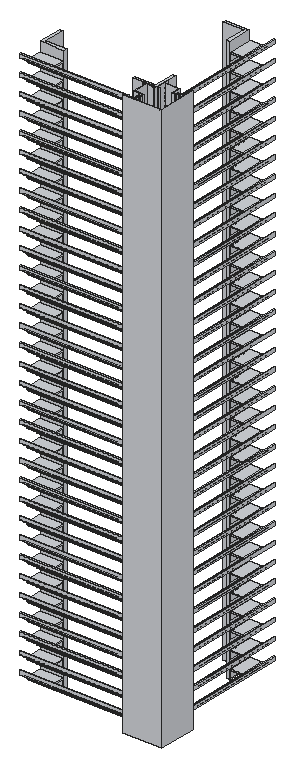
Revit family "ES-EL-2 (Box Corner)", category Mechanical Equipment, Revit 2015 (continued)
Forms (in)
  Extrusion 36, solid
    sketch origin (-14.48764, -11.29971, 45.42069) x (0, 1, 0) y (0, 0, 1)
      loop
        line (9.25771, -19.48365) -> (9.41126, -19.58834) -> (9.57839, -19.70229) -> (9.68235, -19.77317) -> (9.75563, -19.82705) -> (9.8224, -19.88601) -> (9.91212, -19.97708) -> (9.99904, -20.07659) -> (10.07997, -20.18154) -> (10.12676, -20.24077) -> (10.16148, -20.26933) -> (10.47814, -20.48524) -> (10.60505, -20.56965) -> (10.64778, -20.58183) -> (10.71035, -20.58276) -> (10.77982, -20.58518) -> (10.83315, -20.59878) -> (10.8957, -20.6332) -> (11.11006, -20.83253) -> (10.96958, -20.83253) -> (10.96958, -20.8907) -> (11.25622, -20.8907) -> (10.98451, -20.63232) -> (10.91566, -20.57063) -> (10.85482, -20.53862) -> (10.78597, -20.52225) -> (10.79667, -20.48232) -> (10.80191, -20.44464) -> (10.79771, -20.40358) -> (10.73388, -20.41014)
        arc (10.73388, -20.41014) -> (10.61986, -20.50924) -> (10.67009, -20.36677) r 0.07813
        line (10.67009, -20.36677) -> (10.65314, -20.30354) -> (10.59963, -20.32231) -> (10.55974, -20.35344) -> (10.53339, -20.39908) -> (10.52654, -20.44683) -> (10.26934, -20.27147) -> (10.29906, -20.25431) -> (10.33558, -20.21607) -> (10.35667, -20.15577) -> (10.35386, -20.10111) -> (10.28979, -20.10794)
        arc (10.28979, -20.10794) -> (10.17595, -20.20657) -> (10.22317, -20.06353) r 0.07812
        line (10.22317, -20.06353) -> (10.20676, -20.00228) -> (10.15882, -20.01737) -> (10.11406, -20.05206) -> (10.08916, -20.0952) -> (9.97802, -19.96172) -> (9.85682, -19.8373) -> (9.79268, -19.78114) -> (9.72423, -19.73032) -> (9.31671, -19.45246) -> (9.31671, -19.17069) -> (9.25771, -19.17069) -> (9.25771, -19.48365)
    from 4.67064 to 13.65364
  Extrusion 37, solid
    sketch origin (11.29971, 14.48764, 31.97069) x (-1, 0, 0) y (0, 0, -1)
      loop
        line (9.25771, 7.48365) -> (9.25771, 7.17069) -> (9.31671, 7.17069) -> (9.31671, 7.45246) -> (9.72423, 7.73032) -> (9.79268, 7.78114) -> (9.85682, 7.8373) -> (9.97802, 7.96172) -> (10.08916, 8.0952) -> (10.11406, 8.05206) -> (10.15882, 8.01737) -> (10.20676, 8.00228) -> (10.22317, 8.06353)
        arc (10.22317, 8.06353) -> (10.17595, 8.20657) -> (10.28979, 8.10794) r 0.07812
        line (10.28979, 8.10794) -> (10.35386, 8.10111) -> (10.35667, 8.15577) -> (10.33558, 8.21607) -> (10.29906, 8.25431) -> (10.26934, 8.27147) -> (10.52654, 8.44683) -> (10.53339, 8.39908) -> (10.55974, 8.35344) -> (10.59963, 8.32231) -> (10.65314, 8.30354) -> (10.67009, 8.36677)
        arc (10.67009, 8.36677) -> (10.61986, 8.50924) -> (10.73388, 8.41014) r 0.07813
        line (10.73388, 8.41014) -> (10.79771, 8.40358) -> (10.80191, 8.44464) -> (10.79667, 8.48232) -> (10.78597, 8.52225) -> (10.85482, 8.53862) -> (10.91566, 8.57063) -> (10.98451, 8.63232) -> (11.25622, 8.8907) -> (10.96958, 8.8907) -> (10.96958, 8.83253) -> (11.11006, 8.83253) -> (10.8957, 8.6332) -> (10.83315, 8.59878) -> (10.77982, 8.58518) -> (10.71035, 8.58276) -> (10.64778, 8.58183) -> (10.60505, 8.56965) -> (10.47814, 8.48524) -> (10.16148, 8.26933) -> (10.12676, 8.24077) -> (10.07997, 8.18154) -> (9.99904, 8.07659) -> (9.91212, 7.97708) -> (9.8224, 7.88601) -> (9.75563, 7.82705) -> (9.68235, 7.77317) -> (9.57839, 7.70229) -> (9.41126, 7.58834) -> (9.25771, 7.48365)
    from 4.67064 to 13.65364
  Extrusion 38, solid
    sketch origin (11.29971, 14.48764, 30.52069) x (-1, 0, 0) y (0, 0, -1)
      loop
        line (9.25771, 7.48365) -> (9.25771, 7.17069) -> (9.31671, 7.17069) -> (9.31671, 7.45246) -> (9.72423, 7.73032) -> (9.79268, 7.78114) -> (9.85682, 7.8373) -> (9.97802, 7.96172) -> (10.08916, 8.0952) -> (10.11406, 8.05206) -> (10.15882, 8.01737) -> (10.20676, 8.00228) -> (10.22317, 8.06353)
        arc (10.22317, 8.06353) -> (10.17595, 8.20657) -> (10.28979, 8.10794) r 0.07812
        line (10.28979, 8.10794) -> (10.35386, 8.10111) -> (10.35667, 8.15577) -> (10.33558, 8.21607) -> (10.29906, 8.25431) -> (10.26934, 8.27147) -> (10.52654, 8.44683) -> (10.53339, 8.39908) -> (10.55974, 8.35344) -> (10.59963, 8.32231) -> (10.65314, 8.30354) -> (10.67009, 8.36677)
        arc (10.67009, 8.36677) -> (10.61986, 8.50924) -> (10.73388, 8.41014) r 0.07813
        line (10.73388, 8.41014) -> (10.79771, 8.40358) -> (10.80191, 8.44464) -> (10.79667, 8.48232) -> (10.78597, 8.52225) -> (10.85482, 8.53862) -> (10.91566, 8.57063) -> (10.98451, 8.63232) -> (11.25622, 8.8907) -> (10.96958, 8.8907) -> (10.96958, 8.83253) -> (11.11006, 8.83253) -> (10.8957, 8.6332) -> (10.83315, 8.59878) -> (10.77982, 8.58518) -> (10.71035, 8.58276) -> (10.64778, 8.58183) -> (10.60505, 8.56965) -> (10.47814, 8.48524) -> (10.16148, 8.26933) -> (10.12676, 8.24077) -> (10.07997, 8.18154) -> (9.99904, 8.07659) -> (9.91212, 7.97708) -> (9.8224, 7.88601) -> (9.75563, 7.82705) -> (9.68235, 7.77317) -> (9.57839, 7.70229) -> (9.41126, 7.58834) -> (9.25771, 7.48365)
    from 4.67064 to 13.65364
  Extrusion 39, solid
    sketch origin (11.29971, 14.48764, 29.07069) x (-1, 0, 0) y (0, 0, -1)
      loop
        line (9.25771, 7.48365) -> (9.25771, 7.17069) -> (9.31671, 7.17069) -> (9.31671, 7.45246) -> (9.72423, 7.73032) -> (9.79268, 7.78114) -> (9.85682, 7.8373) -> (9.97802, 7.96172) -> (10.08916, 8.0952) -> (10.11406, 8.05206) -> (10.15882, 8.01737) -> (10.20676, 8.00228) -> (10.22317, 8.06353)
        arc (10.22317, 8.06353) -> (10.17595, 8.20657) -> (10.28979, 8.10794) r 0.07812
        line (10.28979, 8.10794) -> (10.35386, 8.10111) -> (10.35667, 8.15577) -> (10.33558, 8.21607) -> (10.29906, 8.25431) -> (10.26934, 8.27147) -> (10.52654, 8.44683) -> (10.53339, 8.39908) -> (10.55974, 8.35344) -> (10.59963, 8.32231) -> (10.65314, 8.30354) -> (10.67009, 8.36677)
        arc (10.67009, 8.36677) -> (10.61986, 8.50924) -> (10.73388, 8.41014) r 0.07813
        line (10.73388, 8.41014) -> (10.79771, 8.40358) -> (10.80191, 8.44464) -> (10.79667, 8.48232) -> (10.78597, 8.52225) -> (10.85482, 8.53862) -> (10.91566, 8.57063) -> (10.98451, 8.63232) -> (11.25622, 8.8907) -> (10.96958, 8.8907) -> (10.96958, 8.83253) -> (11.11006, 8.83253) -> (10.8957, 8.6332) -> (10.83315, 8.59878) -> (10.77982, 8.58518) -> (10.71035, 8.58276) -> (10.64778, 8.58183) -> (10.60505, 8.56965) -> (10.47814, 8.48524) -> (10.16148, 8.26933) -> (10.12676, 8.24077) -> (10.07997, 8.18154) -> (9.99904, 8.07659) -> (9.91212, 7.97708) -> (9.8224, 7.88601) -> (9.75563, 7.82705) -> (9.68235, 7.77317) -> (9.57839, 7.70229) -> (9.41126, 7.58834) -> (9.25771, 7.48365)
    from 4.67064 to 13.65364
  Extrusion 40, solid
    sketch origin (11.29971, 14.48764, 27.62069) x (-1, 0, 0) y (0, 0, -1)
      loop
        line (9.25771, 7.48365) -> (9.25771, 7.17069) -> (9.31671, 7.17069) -> (9.31671, 7.45246) -> (9.72423, 7.73032) -> (9.79268, 7.78114) -> (9.85682, 7.8373) -> (9.97802, 7.96172) -> (10.08916, 8.0952) -> (10.11406, 8.05206) -> (10.15882, 8.01737) -> (10.20676, 8.00228) -> (10.22317, 8.06353)
        arc (10.22317, 8.06353) -> (10.17595, 8.20657) -> (10.28979, 8.10794) r 0.07812
        line (10.28979, 8.10794) -> (10.35386, 8.10111) -> (10.35667, 8.15577) -> (10.33558, 8.21607) -> (10.29906, 8.25431) -> (10.26934, 8.27147) -> (10.52654, 8.44683) -> (10.53339, 8.39908) -> (10.55974, 8.35344) -> (10.59963, 8.32231) -> (10.65314, 8.30354) -> (10.67009, 8.36677)
        arc (10.67009, 8.36677) -> (10.61986, 8.50924) -> (10.73388, 8.41014) r 0.07813
        line (10.73388, 8.41014) -> (10.79771, 8.40358) -> (10.80191, 8.44464) -> (10.79667, 8.48232) -> (10.78597, 8.52225) -> (10.85482, 8.53862) -> (10.91566, 8.57063) -> (10.98451, 8.63232) -> (11.25622, 8.8907) -> (10.96958, 8.8907) -> (10.96958, 8.83253) -> (11.11006, 8.83253) -> (10.8957, 8.6332) -> (10.83315, 8.59878) -> (10.77982, 8.58518) -> (10.71035, 8.58276) -> (10.64778, 8.58183) -> (10.60505, 8.56965) -> (10.47814, 8.48524) -> (10.16148, 8.26933) -> (10.12676, 8.24077) -> (10.07997, 8.18154) -> (9.99904, 8.07659) -> (9.91212, 7.97708) -> (9.8224, 7.88601) -> (9.75563, 7.82705) -> (9.68235, 7.77317) -> (9.57839, 7.70229) -> (9.41126, 7.58834) -> (9.25771, 7.48365)
    from 4.67064 to 13.65364
  Extrusion 41, solid
    sketch origin (11.29971, 14.48764, 26.17069) x (-1, 0, 0) y (0, 0, -1)
      loop
        line (9.25771, 7.48365) -> (9.25771, 7.17069) -> (9.31671, 7.17069) -> (9.31671, 7.45246) -> (9.72423, 7.73032) -> (9.79268, 7.78114) -> (9.85682, 7.8373) -> (9.97802, 7.96172) -> (10.08916, 8.0952) -> (10.11406, 8.05206) -> (10.15882, 8.01737) -> (10.20676, 8.00228) -> (10.22317, 8.06353)
        arc (10.22317, 8.06353) -> (10.17595, 8.20657) -> (10.28979, 8.10794) r 0.07812
        line (10.28979, 8.10794) -> (10.35386, 8.10111) -> (10.35667, 8.15577) -> (10.33558, 8.21607) -> (10.29906, 8.25431) -> (10.26934, 8.27147) -> (10.52654, 8.44683) -> (10.53339, 8.39908) -> (10.55974, 8.35344) -> (10.59963, 8.32231) -> (10.65314, 8.30354) -> (10.67009, 8.36677)
        arc (10.67009, 8.36677) -> (10.61986, 8.50924) -> (10.73388, 8.41014) r 0.07813
        line (10.73388, 8.41014) -> (10.79771, 8.40358) -> (10.80191, 8.44464) -> (10.79667, 8.48232) -> (10.78597, 8.52225) -> (10.85482, 8.53862) -> (10.91566, 8.57063) -> (10.98451, 8.63232) -> (11.25622, 8.8907) -> (10.96958, 8.8907) -> (10.96958, 8.83253) -> (11.11006, 8.83253) -> (10.8957, 8.6332) -> (10.83315, 8.59878) -> (10.77982, 8.58518) -> (10.71035, 8.58276) -> (10.64778, 8.58183) -> (10.60505, 8.56965) -> (10.47814, 8.48524) -> (10.16148, 8.26933) -> (10.12676, 8.24077) -> (10.07997, 8.18154) -> (9.99904, 8.07659) -> (9.91212, 7.97708) -> (9.8224, 7.88601) -> (9.75563, 7.82705) -> (9.68235, 7.77317) -> (9.57839, 7.70229) -> (9.41126, 7.58834) -> (9.25771, 7.48365)
    from 4.67064 to 13.65364
  Extrusion 42, solid
    sketch origin (11.29971, 14.48764, 24.72069) x (-1, 0, 0) y (0, 0, -1)
      loop
        line (9.25771, 7.48365) -> (9.25771, 7.17069) -> (9.31671, 7.17069) -> (9.31671, 7.45246) -> (9.72423, 7.73032) -> (9.79268, 7.78114) -> (9.85682, 7.8373) -> (9.97802, 7.96172) -> (10.08916, 8.0952) -> (10.11406, 8.05206) -> (10.15882, 8.01737) -> (10.20676, 8.00228) -> (10.22317, 8.06353)
        arc (10.22317, 8.06353) -> (10.17595, 8.20657) -> (10.28979, 8.10794) r 0.07812
        line (10.28979, 8.10794) -> (10.35386, 8.10111) -> (10.35667, 8.15577) -> (10.33558, 8.21607) -> (10.29906, 8.25431) -> (10.26934, 8.27147) -> (10.52654, 8.44683) -> (10.53339, 8.39908) -> (10.55974, 8.35344) -> (10.59963, 8.32231) -> (10.65314, 8.30354) -> (10.67009, 8.36677)
        arc (10.67009, 8.36677) -> (10.61986, 8.50924) -> (10.73388, 8.41014) r 0.07813
        line (10.73388, 8.41014) -> (10.79771, 8.40358) -> (10.80191, 8.44464) -> (10.79667, 8.48232) -> (10.78597, 8.52225) -> (10.85482, 8.53862) -> (10.91566, 8.57063) -> (10.98451, 8.63232) -> (11.25622, 8.8907) -> (10.96958, 8.8907) -> (10.96958, 8.83253) -> (11.11006, 8.83253) -> (10.8957, 8.6332) -> (10.83315, 8.59878) -> (10.77982, 8.58518) -> (10.71035, 8.58276) -> (10.64778, 8.58183) -> (10.60505, 8.56965) -> (10.47814, 8.48524) -> (10.16148, 8.26933) -> (10.12676, 8.24077) -> (10.07997, 8.18154) -> (9.99904, 8.07659) -> (9.91212, 7.97708) -> (9.8224, 7.88601) -> (9.75563, 7.82705) -> (9.68235, 7.77317) -> (9.57839, 7.70229) -> (9.41126, 7.58834) -> (9.25771, 7.48365)
    from 4.67064 to 13.65364
  Extrusion 43, solid
    sketch origin (11.29971, 14.48764, 23.27069) x (-1, 0, 0) y (0, 0, -1)
      loop
        line (9.25771, 7.48365) -> (9.25771, 7.17069) -> (9.31671, 7.17069) -> (9.31671, 7.45246) -> (9.72423, 7.73032) -> (9.79268, 7.78114) -> (9.85682, 7.8373) -> (9.97802, 7.96172) -> (10.08916, 8.0952) -> (10.11406, 8.05206) -> (10.15882, 8.01737) -> (10.20676, 8.00228) -> (10.22317, 8.06353)
        arc (10.22317, 8.06353) -> (10.17595, 8.20657) -> (10.28979, 8.10794) r 0.07812
        line (10.28979, 8.10794) -> (10.35386, 8.10111) -> (10.35667, 8.15577) -> (10.33558, 8.21607) -> (10.29906, 8.25431) -> (10.26934, 8.27147) -> (10.52654, 8.44683) -> (10.53339, 8.39908) -> (10.55974, 8.35344) -> (10.59963, 8.32231) -> (10.65314, 8.30354) -> (10.67009, 8.36677)
        arc (10.67009, 8.36677) -> (10.61986, 8.50924) -> (10.73388, 8.41014) r 0.07813
        line (10.73388, 8.41014) -> (10.79771, 8.40358) -> (10.80191, 8.44464) -> (10.79667, 8.48232) -> (10.78597, 8.52225) -> (10.85482, 8.53862) -> (10.91566, 8.57063) -> (10.98451, 8.63232) -> (11.25622, 8.8907) -> (10.96958, 8.8907) -> (10.96958, 8.83253) -> (11.11006, 8.83253) -> (10.8957, 8.6332) -> (10.83315, 8.59878) -> (10.77982, 8.58518) -> (10.71035, 8.58276) -> (10.64778, 8.58183) -> (10.60505, 8.56965) -> (10.47814, 8.48524) -> (10.16148, 8.26933) -> (10.12676, 8.24077) -> (10.07997, 8.18154) -> (9.99904, 8.07659) -> (9.91212, 7.97708) -> (9.8224, 7.88601) -> (9.75563, 7.82705) -> (9.68235, 7.77317) -> (9.57839, 7.70229) -> (9.41126, 7.58834) -> (9.25771, 7.48365)
    from 4.67064 to 13.65364
  Extrusion 44, solid
    sketch origin (11.29971, 14.48764, 21.82069) x (-1, 0, 0) y (0, 0, -1)
      loop
        line (9.25771, 7.48365) -> (9.25771, 7.17069) -> (9.31671, 7.17069) -> (9.31671, 7.45246) -> (9.72423, 7.73032) -> (9.79268, 7.78114) -> (9.85682, 7.8373) -> (9.97802, 7.96172) -> (10.08916, 8.0952) -> (10.11406, 8.05206) -> (10.15882, 8.01737) -> (10.20676, 8.00228) -> (10.22317, 8.06353)
        arc (10.22317, 8.06353) -> (10.17595, 8.20657) -> (10.28979, 8.10794) r 0.07812
        line (10.28979, 8.10794) -> (10.35386, 8.10111) -> (10.35667, 8.15577) -> (10.33558, 8.21607) -> (10.29906, 8.25431) -> (10.26934, 8.27147) -> (10.52654, 8.44683) -> (10.53339, 8.39908) -> (10.55974, 8.35344) -> (10.59963, 8.32231) -> (10.65314, 8.30354) -> (10.67009, 8.36677)
        arc (10.67009, 8.36677) -> (10.61986, 8.50924) -> (10.73388, 8.41014) r 0.07813
        line (10.73388, 8.41014) -> (10.79771, 8.40358) -> (10.80191, 8.44464) -> (10.79667, 8.48232) -> (10.78597, 8.52225) -> (10.85482, 8.53862) -> (10.91566, 8.57063) -> (10.98451, 8.63232) -> (11.25622, 8.8907) -> (10.96958, 8.8907) -> (10.96958, 8.83253) -> (11.11006, 8.83253) -> (10.8957, 8.6332) -> (10.83315, 8.59878) -> (10.77982, 8.58518) -> (10.71035, 8.58276) -> (10.64778, 8.58183) -> (10.60505, 8.56965) -> (10.47814, 8.48524) -> (10.16148, 8.26933) -> (10.12676, 8.24077) -> (10.07997, 8.18154) -> (9.99904, 8.07659) -> (9.91212, 7.97708) -> (9.8224, 7.88601) -> (9.75563, 7.82705) -> (9.68235, 7.77317) -> (9.57839, 7.70229) -> (9.41126, 7.58834) -> (9.25771, 7.48365)
    from 4.67064 to 13.65364
  Extrusion 45, solid
    sketch origin (-14.48764, -11.29971, 43.97069) x (0, 1, 0) y (0, 0, 1)
      loop
        line (9.25771, -19.48365) -> (9.41126, -19.58834) -> (9.57839, -19.70229) -> (9.68235, -19.77317) -> (9.75563, -19.82705) -> (9.8224, -19.88601) -> (9.91212, -19.97708) -> (9.99904, -20.07659) -> (10.07997, -20.18154) -> (10.12676, -20.24077) -> (10.16148, -20.26933) -> (10.47814, -20.48524) -> (10.60505, -20.56965) -> (10.64778, -20.58183) -> (10.71035, -20.58276) -> (10.77982, -20.58518) -> (10.83315, -20.59878) -> (10.8957, -20.6332) -> (11.11006, -20.83253) -> (10.96958, -20.83253) -> (10.96958, -20.8907) -> (11.25622, -20.8907) -> (10.98451, -20.63232) -> (10.91566, -20.57063) -> (10.85482, -20.53862) -> (10.78597, -20.52225) -> (10.79667, -20.48232) -> (10.80191, -20.44464) -> (10.79771, -20.40358) -> (10.73388, -20.41014)
        arc (10.73388, -20.41014) -> (10.61986, -20.50924) -> (10.67009, -20.36677) r 0.07813
        line (10.67009, -20.36677) -> (10.65314, -20.30354) -> (10.59963, -20.32231) -> (10.55974, -20.35344) -> (10.53339, -20.39908) -> (10.52654, -20.44683) -> (10.26934, -20.27147) -> (10.29906, -20.25431) -> (10.33558, -20.21607) -> (10.35667, -20.15577) -> (10.35386, -20.10111) -> (10.28979, -20.10794)
        arc (10.28979, -20.10794) -> (10.17595, -20.20657) -> (10.22317, -20.06353) r 0.07812
        line (10.22317, -20.06353) -> (10.20676, -20.00228) -> (10.15882, -20.01737) -> (10.11406, -20.05206) -> (10.08916, -20.0952) -> (9.97802, -19.96172) -> (9.85682, -19.8373) -> (9.79268, -19.78114) -> (9.72423, -19.73032) -> (9.31671, -19.45246) -> (9.31671, -19.17069) -> (9.25771, -19.17069) -> (9.25771, -19.48365)
    from 4.67064 to 13.65364
  Extrusion 46, solid
    sketch origin (-14.48764, -11.29971, 42.52069) x (0, 1, 0) y (0, 0, 1)
      loop
        line (9.25771, -19.48365) -> (9.41126, -19.58834) -> (9.57839, -19.70229) -> (9.68235, -19.77317) -> (9.75563, -19.82705) -> (9.8224, -19.88601) -> (9.91212, -19.97708) -> (9.99904, -20.07659) -> (10.07997, -20.18154) -> (10.12676, -20.24077) -> (10.16148, -20.26933) -> (10.47814, -20.48524) -> (10.60505, -20.56965) -> (10.64778, -20.58183) -> (10.71035, -20.58276) -> (10.77982, -20.58518) -> (10.83315, -20.59878) -> (10.8957, -20.6332) -> (11.11006, -20.83253) -> (10.96958, -20.83253) -> (10.96958, -20.8907) -> (11.25622, -20.8907) -> (10.98451, -20.63232) -> (10.91566, -20.57063) -> (10.85482, -20.53862) -> (10.78597, -20.52225) -> (10.79667, -20.48232) -> (10.80191, -20.44464) -> (10.79771, -20.40358) -> (10.73388, -20.41014)
        arc (10.73388, -20.41014) -> (10.61986, -20.50924) -> (10.67009, -20.36677) r 0.07813
        line (10.67009, -20.36677) -> (10.65314, -20.30354) -> (10.59963, -20.32231) -> (10.55974, -20.35344) -> (10.53339, -20.39908) -> (10.52654, -20.44683) -> (10.26934, -20.27147) -> (10.29906, -20.25431) -> (10.33558, -20.21607) -> (10.35667, -20.15577) -> (10.35386, -20.10111) -> (10.28979, -20.10794)
        arc (10.28979, -20.10794) -> (10.17595, -20.20657) -> (10.22317, -20.06353) r 0.07812
        line (10.22317, -20.06353) -> (10.20676, -20.00228) -> (10.15882, -20.01737) -> (10.11406, -20.05206) -> (10.08916, -20.0952) -> (9.97802, -19.96172) -> (9.85682, -19.8373) -> (9.79268, -19.78114) -> (9.72423, -19.73032) -> (9.31671, -19.45246) -> (9.31671, -19.17069) -> (9.25771, -19.17069) -> (9.25771, -19.48365)
    from 4.67064 to 13.65364
  Extrusion 47, solid
    sketch origin (-14.48764, -11.29971, 41.07069) x (0, 1, 0) y (0, 0, 1)
      loop
        line (9.25771, -19.48365) -> (9.41126, -19.58834) -> (9.57839, -19.70229) -> (9.68235, -19.77317) -> (9.75563, -19.82705) -> (9.8224, -19.88601) -> (9.91212, -19.97708) -> (9.99904, -20.07659) -> (10.07997, -20.18154) -> (10.12676, -20.24077) -> (10.16148, -20.26933) -> (10.47814, -20.48524) -> (10.60505, -20.56965) -> (10.64778, -20.58183) -> (10.71035, -20.58276) -> (10.77982, -20.58518) -> (10.83315, -20.59878) -> (10.8957, -20.6332) -> (11.11006, -20.83253) -> (10.96958, -20.83253) -> (10.96958, -20.8907) -> (11.25622, -20.8907) -> (10.98451, -20.63232) -> (10.91566, -20.57063) -> (10.85482, -20.53862) -> (10.78597, -20.52225) -> (10.79667, -20.48232) -> (10.80191, -20.44464) -> (10.79771, -20.40358) -> (10.73388, -20.41014)
        arc (10.73388, -20.41014) -> (10.61986, -20.50924) -> (10.67009, -20.36677) r 0.07813
        line (10.67009, -20.36677) -> (10.65314, -20.30354) -> (10.59963, -20.32231) -> (10.55974, -20.35344) -> (10.53339, -20.39908) -> (10.52654, -20.44683) -> (10.26934, -20.27147) -> (10.29906, -20.25431) -> (10.33558, -20.21607) -> (10.35667, -20.15577) -> (10.35386, -20.10111) -> (10.28979, -20.10794)
        arc (10.28979, -20.10794) -> (10.17595, -20.20657) -> (10.22317, -20.06353) r 0.07812
        line (10.22317, -20.06353) -> (10.20676, -20.00228) -> (10.15882, -20.01737) -> (10.11406, -20.05206) -> (10.08916, -20.0952) -> (9.97802, -19.96172) -> (9.85682, -19.8373) -> (9.79268, -19.78114) -> (9.72423, -19.73032) -> (9.31671, -19.45246) -> (9.31671, -19.17069) -> (9.25771, -19.17069) -> (9.25771, -19.48365)
    from 4.67064 to 13.65364
  Extrusion 48, solid
    sketch origin (-14.48764, -11.29971, 39.62069) x (0, 1, 0) y (0, 0, 1)
      loop
        line (9.25771, -19.48365) -> (9.41126, -19.58834) -> (9.57839, -19.70229) -> (9.68235, -19.77317) -> (9.75563, -19.82705) -> (9.8224, -19.88601) -> (9.91212, -19.97708) -> (9.99904, -20.07659) -> (10.07997, -20.18154) -> (10.12676, -20.24077) -> (10.16148, -20.26933) -> (10.47814, -20.48524) -> (10.60505, -20.56965) -> (10.64778, -20.58183) -> (10.71035, -20.58276) -> (10.77982, -20.58518) -> (10.83315, -20.59878) -> (10.8957, -20.6332) -> (11.11006, -20.83253) -> (10.96958, -20.83253) -> (10.96958, -20.8907) -> (11.25622, -20.8907) -> (10.98451, -20.63232) -> (10.91566, -20.57063) -> (10.85482, -20.53862) -> (10.78597, -20.52225) -> (10.79667, -20.48232) -> (10.80191, -20.44464) -> (10.79771, -20.40358) -> (10.73388, -20.41014)
        arc (10.73388, -20.41014) -> (10.61986, -20.50924) -> (10.67009, -20.36677) r 0.07813
        line (10.67009, -20.36677) -> (10.65314, -20.30354) -> (10.59963, -20.32231) -> (10.55974, -20.35344) -> (10.53339, -20.39908) -> (10.52654, -20.44683) -> (10.26934, -20.27147) -> (10.29906, -20.25431) -> (10.33558, -20.21607) -> (10.35667, -20.15577) -> (10.35386, -20.10111) -> (10.28979, -20.10794)
        arc (10.28979, -20.10794) -> (10.17595, -20.20657) -> (10.22317, -20.06353) r 0.07812
        line (10.22317, -20.06353) -> (10.20676, -20.00228) -> (10.15882, -20.01737) -> (10.11406, -20.05206) -> (10.08916, -20.0952) -> (9.97802, -19.96172) -> (9.85682, -19.8373) -> (9.79268, -19.78114) -> (9.72423, -19.73032) -> (9.31671, -19.45246) -> (9.31671, -19.17069) -> (9.25771, -19.17069) -> (9.25771, -19.48365)
    from 4.67064 to 13.65364
  Extrusion 49, solid
    sketch origin (-14.48764, -11.29971, 38.17069) x (0, 1, 0) y (0, 0, 1)
      loop
        line (9.25771, -19.48365) -> (9.41126, -19.58834) -> (9.57839, -19.70229) -> (9.68235, -19.77317) -> (9.75563, -19.82705) -> (9.8224, -19.88601) -> (9.91212, -19.97708) -> (9.99904, -20.07659) -> (10.07997, -20.18154) -> (10.12676, -20.24077) -> (10.16148, -20.26933) -> (10.47814, -20.48524) -> (10.60505, -20.56965) -> (10.64778, -20.58183) -> (10.71035, -20.58276) -> (10.77982, -20.58518) -> (10.83315, -20.59878) -> (10.8957, -20.6332) -> (11.11006, -20.83253) -> (10.96958, -20.83253) -> (10.96958, -20.8907) -> (11.25622, -20.8907) -> (10.98451, -20.63232) -> (10.91566, -20.57063) -> (10.85482, -20.53862) -> (10.78597, -20.52225) -> (10.79667, -20.48232) -> (10.80191, -20.44464) -> (10.79771, -20.40358) -> (10.73388, -20.41014)
        arc (10.73388, -20.41014) -> (10.61986, -20.50924) -> (10.67009, -20.36677) r 0.07813
        line (10.67009, -20.36677) -> (10.65314, -20.30354) -> (10.59963, -20.32231) -> (10.55974, -20.35344) -> (10.53339, -20.39908) -> (10.52654, -20.44683) -> (10.26934, -20.27147) -> (10.29906, -20.25431) -> (10.33558, -20.21607) -> (10.35667, -20.15577) -> (10.35386, -20.10111) -> (10.28979, -20.10794)
        arc (10.28979, -20.10794) -> (10.17595, -20.20657) -> (10.22317, -20.06353) r 0.07812
        line (10.22317, -20.06353) -> (10.20676, -20.00228) -> (10.15882, -20.01737) -> (10.11406, -20.05206) -> (10.08916, -20.0952) -> (9.97802, -19.96172) -> (9.85682, -19.8373) -> (9.79268, -19.78114) -> (9.72423, -19.73032) -> (9.31671, -19.45246) -> (9.31671, -19.17069) -> (9.25771, -19.17069) -> (9.25771, -19.48365)
    from 4.67064 to 13.65364
  Extrusion 50, solid
    sketch origin (-14.48764, -11.29971, 36.72069) x (0, 1, 0) y (0, 0, 1)
      loop
        line (9.25771, -19.48365) -> (9.41126, -19.58834) -> (9.57839, -19.70229) -> (9.68235, -19.77317) -> (9.75563, -19.82705) -> (9.8224, -19.88601) -> (9.91212, -19.97708) -> (9.99904, -20.07659) -> (10.07997, -20.18154) -> (10.12676, -20.24077) -> (10.16148, -20.26933) -> (10.47814, -20.48524) -> (10.60505, -20.56965) -> (10.64778, -20.58183) -> (10.71035, -20.58276) -> (10.77982, -20.58518) -> (10.83315, -20.59878) -> (10.8957, -20.6332) -> (11.11006, -20.83253) -> (10.96958, -20.83253) -> (10.96958, -20.8907) -> (11.25622, -20.8907) -> (10.98451, -20.63232) -> (10.91566, -20.57063) -> (10.85482, -20.53862) -> (10.78597, -20.52225) -> (10.79667, -20.48232) -> (10.80191, -20.44464) -> (10.79771, -20.40358) -> (10.73388, -20.41014)
        arc (10.73388, -20.41014) -> (10.61986, -20.50924) -> (10.67009, -20.36677) r 0.07813
        line (10.67009, -20.36677) -> (10.65314, -20.30354) -> (10.59963, -20.32231) -> (10.55974, -20.35344) -> (10.53339, -20.39908) -> (10.52654, -20.44683) -> (10.26934, -20.27147) -> (10.29906, -20.25431) -> (10.33558, -20.21607) -> (10.35667, -20.15577) -> (10.35386, -20.10111) -> (10.28979, -20.10794)
        arc (10.28979, -20.10794) -> (10.17595, -20.20657) -> (10.22317, -20.06353) r 0.07812
        line (10.22317, -20.06353) -> (10.20676, -20.00228) -> (10.15882, -20.01737) -> (10.11406, -20.05206) -> (10.08916, -20.0952) -> (9.97802, -19.96172) -> (9.85682, -19.8373) -> (9.79268, -19.78114) -> (9.72423, -19.73032) -> (9.31671, -19.45246) -> (9.31671, -19.17069) -> (9.25771, -19.17069) -> (9.25771, -19.48365)
    from 4.67064 to 13.65364
  Extrusion 51, solid
    sketch origin (-14.48764, -11.29971, 35.27069) x (0, 1, 0) y (0, 0, 1)
      loop
        line (9.25771, -19.48365) -> (9.41126, -19.58834) -> (9.57839, -19.70229) -> (9.68235, -19.77317) -> (9.75563, -19.82705) -> (9.8224, -19.88601) -> (9.91212, -19.97708) -> (9.99904, -20.07659) -> (10.07997, -20.18154) -> (10.12676, -20.24077) -> (10.16148, -20.26933) -> (10.47814, -20.48524) -> (10.60505, -20.56965) -> (10.64778, -20.58183) -> (10.71035, -20.58276) -> (10.77982, -20.58518) -> (10.83315, -20.59878) -> (10.8957, -20.6332) -> (11.11006, -20.83253) -> (10.96958, -20.83253) -> (10.96958, -20.8907) -> (11.25622, -20.8907) -> (10.98451, -20.63232) -> (10.91566, -20.57063) -> (10.85482, -20.53862) -> (10.78597, -20.52225) -> (10.79667, -20.48232) -> (10.80191, -20.44464) -> (10.79771, -20.40358) -> (10.73388, -20.41014)
        arc (10.73388, -20.41014) -> (10.61986, -20.50924) -> (10.67009, -20.36677) r 0.07813
        line (10.67009, -20.36677) -> (10.65314, -20.30354) -> (10.59963, -20.32231) -> (10.55974, -20.35344) -> (10.53339, -20.39908) -> (10.52654, -20.44683) -> (10.26934, -20.27147) -> (10.29906, -20.25431) -> (10.33558, -20.21607) -> (10.35667, -20.15577) -> (10.35386, -20.10111) -> (10.28979, -20.10794)
        arc (10.28979, -20.10794) -> (10.17595, -20.20657) -> (10.22317, -20.06353) r 0.07812
        line (10.22317, -20.06353) -> (10.20676, -20.00228) -> (10.15882, -20.01737) -> (10.11406, -20.05206) -> (10.08916, -20.0952) -> (9.97802, -19.96172) -> (9.85682, -19.8373) -> (9.79268, -19.78114) -> (9.72423, -19.73032) -> (9.31671, -19.45246) -> (9.31671, -19.17069) -> (9.25771, -19.17069) -> (9.25771, -19.48365)
    from 4.67064 to 13.65364
  Extrusion 52, solid
    sketch origin (-14.48764, -11.29971, 33.82069) x (0, 1, 0) y (0, 0, 1)
      loop
        line (9.25771, -19.48365) -> (9.41126, -19.58834) -> (9.57839, -19.70229) -> (9.68235, -19.77317) -> (9.75563, -19.82705) -> (9.8224, -19.88601) -> (9.91212, -19.97708) -> (9.99904, -20.07659) -> (10.07997, -20.18154) -> (10.12676, -20.24077) -> (10.16148, -20.26933) -> (10.47814, -20.48524) -> (10.60505, -20.56965) -> (10.64778, -20.58183) -> (10.71035, -20.58276) -> (10.77982, -20.58518) -> (10.83315, -20.59878) -> (10.8957, -20.6332) -> (11.11006, -20.83253) -> (10.96958, -20.83253) -> (10.96958, -20.8907) -> (11.25622, -20.8907) -> (10.98451, -20.63232) -> (10.91566, -20.57063) -> (10.85482, -20.53862) -> (10.78597, -20.52225) -> (10.79667, -20.48232) -> (10.80191, -20.44464) -> (10.79771, -20.40358) -> (10.73388, -20.41014)
        arc (10.73388, -20.41014) -> (10.61986, -20.50924) -> (10.67009, -20.36677) r 0.07813
        line (10.67009, -20.36677) -> (10.65314, -20.30354) -> (10.59963, -20.32231) -> (10.55974, -20.35344) -> (10.53339, -20.39908) -> (10.52654, -20.44683) -> (10.26934, -20.27147) -> (10.29906, -20.25431) -> (10.33558, -20.21607) -> (10.35667, -20.15577) -> (10.35386, -20.10111) -> (10.28979, -20.10794)
        arc (10.28979, -20.10794) -> (10.17595, -20.20657) -> (10.22317, -20.06353) r 0.07812
        line (10.22317, -20.06353) -> (10.20676, -20.00228) -> (10.15882, -20.01737) -> (10.11406, -20.05206) -> (10.08916, -20.0952) -> (9.97802, -19.96172) -> (9.85682, -19.8373) -> (9.79268, -19.78114) -> (9.72423, -19.73032) -> (9.31671, -19.45246) -> (9.31671, -19.17069) -> (9.25771, -19.17069) -> (9.25771, -19.48365)
    from 4.67064 to 13.65364
  Extrusion 53, solid
    sketch origin (11.29971, 14.48764, 20.37069) x (-1, 0, 0) y (0, 0, -1)
      loop
        line (9.25771, 7.48365) -> (9.25771, 7.17069) -> (9.31671, 7.17069) -> (9.31671, 7.45246) -> (9.72423, 7.73032) -> (9.79268, 7.78114) -> (9.85682, 7.8373) -> (9.97802, 7.96172) -> (10.08916, 8.0952) -> (10.11406, 8.05206) -> (10.15882, 8.01737) -> (10.20676, 8.00228) -> (10.22317, 8.06353)
        arc (10.22317, 8.06353) -> (10.17595, 8.20657) -> (10.28979, 8.10794) r 0.07812
        line (10.28979, 8.10794) -> (10.35386, 8.10111) -> (10.35667, 8.15577) -> (10.33558, 8.21607) -> (10.29906, 8.25431) -> (10.26934, 8.27147) -> (10.52654, 8.44683) -> (10.53339, 8.39908) -> (10.55974, 8.35344) -> (10.59963, 8.32231) -> (10.65314, 8.30354) -> (10.67009, 8.36677)
        arc (10.67009, 8.36677) -> (10.61986, 8.50924) -> (10.73388, 8.41014) r 0.07813
        line (10.73388, 8.41014) -> (10.79771, 8.40358) -> (10.80191, 8.44464) -> (10.79667, 8.48232) -> (10.78597, 8.52225) -> (10.85482, 8.53862) -> (10.91566, 8.57063) -> (10.98451, 8.63232) -> (11.25622, 8.8907) -> (10.96958, 8.8907) -> (10.96958, 8.83253) -> (11.11006, 8.83253) -> (10.8957, 8.6332) -> (10.83315, 8.59878) -> (10.77982, 8.58518) -> (10.71035, 8.58276) -> (10.64778, 8.58183) -> (10.60505, 8.56965) -> (10.47814, 8.48524) -> (10.16148, 8.26933) -> (10.12676, 8.24077) -> (10.07997, 8.18154) -> (9.99904, 8.07659) -> (9.91212, 7.97708) -> (9.8224, 7.88601) -> (9.75563, 7.82705) -> (9.68235, 7.77317) -> (9.57839, 7.70229) -> (9.41126, 7.58834) -> (9.25771, 7.48365)
    from 4.67064 to 13.65364
  Extrusion 54, solid
    sketch origin (11.29971, 14.48764, 18.92069) x (-1, 0, 0) y (0, 0, -1)
      loop
        line (9.25771, 7.48365) -> (9.25771, 7.17069) -> (9.31671, 7.17069) -> (9.31671, 7.45246) -> (9.72423, 7.73032) -> (9.79268, 7.78114) -> (9.85682, 7.8373) -> (9.97802, 7.96172) -> (10.08916, 8.0952) -> (10.11406, 8.05206) -> (10.15882, 8.01737) -> (10.20676, 8.00228) -> (10.22317, 8.06353)
        arc (10.22317, 8.06353) -> (10.17595, 8.20657) -> (10.28979, 8.10794) r 0.07812
        line (10.28979, 8.10794) -> (10.35386, 8.10111) -> (10.35667, 8.15577) -> (10.33558, 8.21607) -> (10.29906, 8.25431) -> (10.26934, 8.27147) -> (10.52654, 8.44683) -> (10.53339, 8.39908) -> (10.55974, 8.35344) -> (10.59963, 8.32231) -> (10.65314, 8.30354) -> (10.67009, 8.36677)
        arc (10.67009, 8.36677) -> (10.61986, 8.50924) -> (10.73388, 8.41014) r 0.07813
        line (10.73388, 8.41014) -> (10.79771, 8.40358) -> (10.80191, 8.44464) -> (10.79667, 8.48232) -> (10.78597, 8.52225) -> (10.85482, 8.53862) -> (10.91566, 8.57063) -> (10.98451, 8.63232) -> (11.25622, 8.8907) -> (10.96958, 8.8907) -> (10.96958, 8.83253) -> (11.11006, 8.83253) -> (10.8957, 8.6332) -> (10.83315, 8.59878) -> (10.77982, 8.58518) -> (10.71035, 8.58276) -> (10.64778, 8.58183) -> (10.60505, 8.56965) -> (10.47814, 8.48524) -> (10.16148, 8.26933) -> (10.12676, 8.24077) -> (10.07997, 8.18154) -> (9.99904, 8.07659) -> (9.91212, 7.97708) -> (9.8224, 7.88601) -> (9.75563, 7.82705) -> (9.68235, 7.77317) -> (9.57839, 7.70229) -> (9.41126, 7.58834) -> (9.25771, 7.48365)
    from 4.67064 to 13.65364
  Extrusion 55, solid
    sketch origin (11.29971, 14.48764, 17.47069) x (-1, 0, 0) y (0, 0, -1)
      loop
        line (9.25771, 7.48365) -> (9.25771, 7.17069) -> (9.31671, 7.17069) -> (9.31671, 7.45246) -> (9.72423, 7.73032) -> (9.79268, 7.78114) -> (9.85682, 7.8373) -> (9.97802, 7.96172) -> (10.08916, 8.0952) -> (10.11406, 8.05206) -> (10.15882, 8.01737) -> (10.20676, 8.00228) -> (10.22317, 8.06353)
        arc (10.22317, 8.06353) -> (10.17595, 8.20657) -> (10.28979, 8.10794) r 0.07812
        line (10.28979, 8.10794) -> (10.35386, 8.10111) -> (10.35667, 8.15577) -> (10.33558, 8.21607) -> (10.29906, 8.25431) -> (10.26934, 8.27147) -> (10.52654, 8.44683) -> (10.53339, 8.39908) -> (10.55974, 8.35344) -> (10.59963, 8.32231) -> (10.65314, 8.30354) -> (10.67009, 8.36677)
        arc (10.67009, 8.36677) -> (10.61986, 8.50924) -> (10.73388, 8.41014) r 0.07813
        line (10.73388, 8.41014) -> (10.79771, 8.40358) -> (10.80191, 8.44464) -> (10.79667, 8.48232) -> (10.78597, 8.52225) -> (10.85482, 8.53862) -> (10.91566, 8.57063) -> (10.98451, 8.63232) -> (11.25622, 8.8907) -> (10.96958, 8.8907) -> (10.96958, 8.83253) -> (11.11006, 8.83253) -> (10.8957, 8.6332) -> (10.83315, 8.59878) -> (10.77982, 8.58518) -> (10.71035, 8.58276) -> (10.64778, 8.58183) -> (10.60505, 8.56965) -> (10.47814, 8.48524) -> (10.16148, 8.26933) -> (10.12676, 8.24077) -> (10.07997, 8.18154) -> (9.99904, 8.07659) -> (9.91212, 7.97708) -> (9.8224, 7.88601) -> (9.75563, 7.82705) -> (9.68235, 7.77317) -> (9.57839, 7.70229) -> (9.41126, 7.58834) -> (9.25771, 7.48365)
    from 4.67064 to 13.65364
  Extrusion 56, solid
    sketch origin (11.29971, 14.48764, 16.02069) x (-1, 0, 0) y (0, 0, -1)
      loop
        line (9.25771, 7.48365) -> (9.25771, 7.17069) -> (9.31671, 7.17069) -> (9.31671, 7.45246) -> (9.72423, 7.73032) -> (9.79268, 7.78114) -> (9.85682, 7.8373) -> (9.97802, 7.96172) -> (10.08916, 8.0952) -> (10.11406, 8.05206) -> (10.15882, 8.01737) -> (10.20676, 8.00228) -> (10.22317, 8.06353)
        arc (10.22317, 8.06353) -> (10.17595, 8.20657) -> (10.28979, 8.10794) r 0.07812
        line (10.28979, 8.10794) -> (10.35386, 8.10111) -> (10.35667, 8.15577) -> (10.33558, 8.21607) -> (10.29906, 8.25431) -> (10.26934, 8.27147) -> (10.52654, 8.44683) -> (10.53339, 8.39908) -> (10.55974, 8.35344) -> (10.59963, 8.32231) -> (10.65314, 8.30354) -> (10.67009, 8.36677)
        arc (10.67009, 8.36677) -> (10.61986, 8.50924) -> (10.73388, 8.41014) r 0.07813
        line (10.73388, 8.41014) -> (10.79771, 8.40358) -> (10.80191, 8.44464) -> (10.79667, 8.48232) -> (10.78597, 8.52225) -> (10.85482, 8.53862) -> (10.91566, 8.57063) -> (10.98451, 8.63232) -> (11.25622, 8.8907) -> (10.96958, 8.8907) -> (10.96958, 8.83253) -> (11.11006, 8.83253) -> (10.8957, 8.6332) -> (10.83315, 8.59878) -> (10.77982, 8.58518) -> (10.71035, 8.58276) -> (10.64778, 8.58183) -> (10.60505, 8.56965) -> (10.47814, 8.48524) -> (10.16148, 8.26933) -> (10.12676, 8.24077) -> (10.07997, 8.18154) -> (9.99904, 8.07659) -> (9.91212, 7.97708) -> (9.8224, 7.88601) -> (9.75563, 7.82705) -> (9.68235, 7.77317) -> (9.57839, 7.70229) -> (9.41126, 7.58834) -> (9.25771, 7.48365)
    from 4.67064 to 13.65364
  Extrusion 57, solid
    sketch origin (11.29971, 14.48764, 14.57069) x (-1, 0, 0) y (0, 0, -1)
      loop
        line (9.25771, 7.48365) -> (9.25771, 7.17069) -> (9.31671, 7.17069) -> (9.31671, 7.45246) -> (9.72423, 7.73032) -> (9.79268, 7.78114) -> (9.85682, 7.8373) -> (9.97802, 7.96172) -> (10.08916, 8.0952) -> (10.11406, 8.05206) -> (10.15882, 8.01737) -> (10.20676, 8.00228) -> (10.22317, 8.06353)
        arc (10.22317, 8.06353) -> (10.17595, 8.20657) -> (10.28979, 8.10794) r 0.07812
        line (10.28979, 8.10794) -> (10.35386, 8.10111) -> (10.35667, 8.15577) -> (10.33558, 8.21607) -> (10.29906, 8.25431) -> (10.26934, 8.27147) -> (10.52654, 8.44683) -> (10.53339, 8.39908) -> (10.55974, 8.35344) -> (10.59963, 8.32231) -> (10.65314, 8.30354) -> (10.67009, 8.36677)
        arc (10.67009, 8.36677) -> (10.61986, 8.50924) -> (10.73388, 8.41014) r 0.07813
        line (10.73388, 8.41014) -> (10.79771, 8.40358) -> (10.80191, 8.44464) -> (10.79667, 8.48232) -> (10.78597, 8.52225) -> (10.85482, 8.53862) -> (10.91566, 8.57063) -> (10.98451, 8.63232) -> (11.25622, 8.8907) -> (10.96958, 8.8907) -> (10.96958, 8.83253) -> (11.11006, 8.83253) -> (10.8957, 8.6332) -> (10.83315, 8.59878) -> (10.77982, 8.58518) -> (10.71035, 8.58276) -> (10.64778, 8.58183) -> (10.60505, 8.56965) -> (10.47814, 8.48524) -> (10.16148, 8.26933) -> (10.12676, 8.24077) -> (10.07997, 8.18154) -> (9.99904, 8.07659) -> (9.91212, 7.97708) -> (9.8224, 7.88601) -> (9.75563, 7.82705) -> (9.68235, 7.77317) -> (9.57839, 7.70229) -> (9.41126, 7.58834) -> (9.25771, 7.48365)
    from 4.67064 to 13.65364
  Extrusion 58, solid
    sketch origin (11.29971, 14.48764, 13.12069) x (-1, 0, 0) y (0, 0, -1)
      loop
        line (9.25771, 7.48365) -> (9.25771, 7.17069) -> (9.31671, 7.17069) -> (9.31671, 7.45246) -> (9.72423, 7.73032) -> (9.79268, 7.78114) -> (9.85682, 7.8373) -> (9.97802, 7.96172) -> (10.08916, 8.0952) -> (10.11406, 8.05206) -> (10.15882, 8.01737) -> (10.20676, 8.00228) -> (10.22317, 8.06353)
        arc (10.22317, 8.06353) -> (10.17595, 8.20657) -> (10.28979, 8.10794) r 0.07812
        line (10.28979, 8.10794) -> (10.35386, 8.10111) -> (10.35667, 8.15577) -> (10.33558, 8.21607) -> (10.29906, 8.25431) -> (10.26934, 8.27147) -> (10.52654, 8.44683) -> (10.53339, 8.39908) -> (10.55974, 8.35344) -> (10.59963, 8.32231) -> (10.65314, 8.30354) -> (10.67009, 8.36677)
        arc (10.67009, 8.36677) -> (10.61986, 8.50924) -> (10.73388, 8.41014) r 0.07813
        line (10.73388, 8.41014) -> (10.79771, 8.40358) -> (10.80191, 8.44464) -> (10.79667, 8.48232) -> (10.78597, 8.52225) -> (10.85482, 8.53862) -> (10.91566, 8.57063) -> (10.98451, 8.63232) -> (11.25622, 8.8907) -> (10.96958, 8.8907) -> (10.96958, 8.83253) -> (11.11006, 8.83253) -> (10.8957, 8.6332) -> (10.83315, 8.59878) -> (10.77982, 8.58518) -> (10.71035, 8.58276) -> (10.64778, 8.58183) -> (10.60505, 8.56965) -> (10.47814, 8.48524) -> (10.16148, 8.26933) -> (10.12676, 8.24077) -> (10.07997, 8.18154) -> (9.99904, 8.07659) -> (9.91212, 7.97708) -> (9.8224, 7.88601) -> (9.75563, 7.82705) -> (9.68235, 7.77317) -> (9.57839, 7.70229) -> (9.41126, 7.58834) -> (9.25771, 7.48365)
    from 4.67064 to 13.65364
  Extrusion 59, solid
    sketch origin (11.29971, 14.48764, 11.67069) x (-1, 0, 0) y (0, 0, -1)
      loop
        line (9.25771, 7.48365) -> (9.25771, 7.17069) -> (9.31671, 7.17069) -> (9.31671, 7.45246) -> (9.72423, 7.73032) -> (9.79268, 7.78114) -> (9.85682, 7.8373) -> (9.97802, 7.96172) -> (10.08916, 8.0952) -> (10.11406, 8.05206) -> (10.15882, 8.01737) -> (10.20676, 8.00228) -> (10.22317, 8.06353)
        arc (10.22317, 8.06353) -> (10.17595, 8.20657) -> (10.28979, 8.10794) r 0.07812
        line (10.28979, 8.10794) -> (10.35386, 8.10111) -> (10.35667, 8.15577) -> (10.33558, 8.21607) -> (10.29906, 8.25431) -> (10.26934, 8.27147) -> (10.52654, 8.44683) -> (10.53339, 8.39908) -> (10.55974, 8.35344) -> (10.59963, 8.32231) -> (10.65314, 8.30354) -> (10.67009, 8.36677)
        arc (10.67009, 8.36677) -> (10.61986, 8.50924) -> (10.73388, 8.41014) r 0.07813
        line (10.73388, 8.41014) -> (10.79771, 8.40358) -> (10.80191, 8.44464) -> (10.79667, 8.48232) -> (10.78597, 8.52225) -> (10.85482, 8.53862) -> (10.91566, 8.57063) -> (10.98451, 8.63232) -> (11.25622, 8.8907) -> (10.96958, 8.8907) -> (10.96958, 8.83253) -> (11.11006, 8.83253) -> (10.8957, 8.6332) -> (10.83315, 8.59878) -> (10.77982, 8.58518) -> (10.71035, 8.58276) -> (10.64778, 8.58183) -> (10.60505, 8.56965) -> (10.47814, 8.48524) -> (10.16148, 8.26933) -> (10.12676, 8.24077) -> (10.07997, 8.18154) -> (9.99904, 8.07659) -> (9.91212, 7.97708) -> (9.8224, 7.88601) -> (9.75563, 7.82705) -> (9.68235, 7.77317) -> (9.57839, 7.70229) -> (9.41126, 7.58834) -> (9.25771, 7.48365)
    from 4.67064 to 13.65364
  Extrusion 60, solid
    sketch origin (11.29971, 14.48764, 10.22069) x (-1, 0, 0) y (0, 0, -1)
      loop
        line (9.25771, 7.48365) -> (9.25771, 7.17069) -> (9.31671, 7.17069) -> (9.31671, 7.45246) -> (9.72423, 7.73032) -> (9.79268, 7.78114) -> (9.85682, 7.8373) -> (9.97802, 7.96172) -> (10.08916, 8.0952) -> (10.11406, 8.05206) -> (10.15882, 8.01737) -> (10.20676, 8.00228) -> (10.22317, 8.06353)
        arc (10.22317, 8.06353) -> (10.17595, 8.20657) -> (10.28979, 8.10794) r 0.07812
        line (10.28979, 8.10794) -> (10.35386, 8.10111) -> (10.35667, 8.15577) -> (10.33558, 8.21607) -> (10.29906, 8.25431) -> (10.26934, 8.27147) -> (10.52654, 8.44683) -> (10.53339, 8.39908) -> (10.55974, 8.35344) -> (10.59963, 8.32231) -> (10.65314, 8.30354) -> (10.67009, 8.36677)
        arc (10.67009, 8.36677) -> (10.61986, 8.50924) -> (10.73388, 8.41014) r 0.07813
        line (10.73388, 8.41014) -> (10.79771, 8.40358) -> (10.80191, 8.44464) -> (10.79667, 8.48232) -> (10.78597, 8.52225) -> (10.85482, 8.53862) -> (10.91566, 8.57063) -> (10.98451, 8.63232) -> (11.25622, 8.8907) -> (10.96958, 8.8907) -> (10.96958, 8.83253) -> (11.11006, 8.83253) -> (10.8957, 8.6332) -> (10.83315, 8.59878) -> (10.77982, 8.58518) -> (10.71035, 8.58276) -> (10.64778, 8.58183) -> (10.60505, 8.56965) -> (10.47814, 8.48524) -> (10.16148, 8.26933) -> (10.12676, 8.24077) -> (10.07997, 8.18154) -> (9.99904, 8.07659) -> (9.91212, 7.97708) -> (9.8224, 7.88601) -> (9.75563, 7.82705) -> (9.68235, 7.77317) -> (9.57839, 7.70229) -> (9.41126, 7.58834) -> (9.25771, 7.48365)
    from 4.67064 to 13.65364
  Extrusion 61, solid
    sketch origin (11.29971, 14.48764, 8.77069) x (-1, 0, 0) y (0, 0, -1)
      loop
        line (9.25771, 7.48365) -> (9.25771, 7.17069) -> (9.31671, 7.17069) -> (9.31671, 7.45246) -> (9.72423, 7.73032) -> (9.79268, 7.78114) -> (9.85682, 7.8373) -> (9.97802, 7.96172) -> (10.08916, 8.0952) -> (10.11406, 8.05206) -> (10.15882, 8.01737) -> (10.20676, 8.00228) -> (10.22317, 8.06353)
        arc (10.22317, 8.06353) -> (10.17595, 8.20657) -> (10.28979, 8.10794) r 0.07812
        line (10.28979, 8.10794) -> (10.35386, 8.10111) -> (10.35667, 8.15577) -> (10.33558, 8.21607) -> (10.29906, 8.25431) -> (10.26934, 8.27147) -> (10.52654, 8.44683) -> (10.53339, 8.39908) -> (10.55974, 8.35344) -> (10.59963, 8.32231) -> (10.65314, 8.30354) -> (10.67009, 8.36677)
        arc (10.67009, 8.36677) -> (10.61986, 8.50924) -> (10.73388, 8.41014) r 0.07813
        line (10.73388, 8.41014) -> (10.79771, 8.40358) -> (10.80191, 8.44464) -> (10.79667, 8.48232) -> (10.78597, 8.52225) -> (10.85482, 8.53862) -> (10.91566, 8.57063) -> (10.98451, 8.63232) -> (11.25622, 8.8907) -> (10.96958, 8.8907) -> (10.96958, 8.83253) -> (11.11006, 8.83253) -> (10.8957, 8.6332) -> (10.83315, 8.59878) -> (10.77982, 8.58518) -> (10.71035, 8.58276) -> (10.64778, 8.58183) -> (10.60505, 8.56965) -> (10.47814, 8.48524) -> (10.16148, 8.26933) -> (10.12676, 8.24077) -> (10.07997, 8.18154) -> (9.99904, 8.07659) -> (9.91212, 7.97708) -> (9.8224, 7.88601) -> (9.75563, 7.82705) -> (9.68235, 7.77317) -> (9.57839, 7.70229) -> (9.41126, 7.58834) -> (9.25771, 7.48365)
    from 4.67064 to 13.65364
  Extrusion 62, solid
    sketch origin (-14.48764, -11.29971, 32.37069) x (0, 1, 0) y (0, 0, 1)
      loop
        line (9.25771, -19.48365) -> (9.41126, -19.58834) -> (9.57839, -19.70229) -> (9.68235, -19.77317) -> (9.75563, -19.82705) -> (9.8224, -19.88601) -> (9.91212, -19.97708) -> (9.99904, -20.07659) -> (10.07997, -20.18154) -> (10.12676, -20.24077) -> (10.16148, -20.26933) -> (10.47814, -20.48524) -> (10.60505, -20.56965) -> (10.64778, -20.58183) -> (10.71035, -20.58276) -> (10.77982, -20.58518) -> (10.83315, -20.59878) -> (10.8957, -20.6332) -> (11.11006, -20.83253) -> (10.96958, -20.83253) -> (10.96958, -20.8907) -> (11.25622, -20.8907) -> (10.98451, -20.63232) -> (10.91566, -20.57063) -> (10.85482, -20.53862) -> (10.78597, -20.52225) -> (10.79667, -20.48232) -> (10.80191, -20.44464) -> (10.79771, -20.40358) -> (10.73388, -20.41014)
        arc (10.73388, -20.41014) -> (10.61986, -20.50924) -> (10.67009, -20.36677) r 0.07813
        line (10.67009, -20.36677) -> (10.65314, -20.30354) -> (10.59963, -20.32231) -> (10.55974, -20.35344) -> (10.53339, -20.39908) -> (10.52654, -20.44683) -> (10.26934, -20.27147) -> (10.29906, -20.25431) -> (10.33558, -20.21607) -> (10.35667, -20.15577) -> (10.35386, -20.10111) -> (10.28979, -20.10794)
        arc (10.28979, -20.10794) -> (10.17595, -20.20657) -> (10.22317, -20.06353) r 0.07812
        line (10.22317, -20.06353) -> (10.20676, -20.00228) -> (10.15882, -20.01737) -> (10.11406, -20.05206) -> (10.08916, -20.0952) -> (9.97802, -19.96172) -> (9.85682, -19.8373) -> (9.79268, -19.78114) -> (9.72423, -19.73032) -> (9.31671, -19.45246) -> (9.31671, -19.17069) -> (9.25771, -19.17069) -> (9.25771, -19.48365)
    from 4.67064 to 13.65364
  Extrusion 63, solid
    sketch origin (-14.48764, -11.29971, 30.92069) x (0, 1, 0) y (0, 0, 1)
      loop
        line (9.25771, -19.48365) -> (9.41126, -19.58834) -> (9.57839, -19.70229) -> (9.68235, -19.77317) -> (9.75563, -19.82705) -> (9.8224, -19.88601) -> (9.91212, -19.97708) -> (9.99904, -20.07659) -> (10.07997, -20.18154) -> (10.12676, -20.24077) -> (10.16148, -20.26933) -> (10.47814, -20.48524) -> (10.60505, -20.56965) -> (10.64778, -20.58183) -> (10.71035, -20.58276) -> (10.77982, -20.58518) -> (10.83315, -20.59878) -> (10.8957, -20.6332) -> (11.11006, -20.83253) -> (10.96958, -20.83253) -> (10.96958, -20.8907) -> (11.25622, -20.8907) -> (10.98451, -20.63232) -> (10.91566, -20.57063) -> (10.85482, -20.53862) -> (10.78597, -20.52225) -> (10.79667, -20.48232) -> (10.80191, -20.44464) -> (10.79771, -20.40358) -> (10.73388, -20.41014)
        arc (10.73388, -20.41014) -> (10.61986, -20.50924) -> (10.67009, -20.36677) r 0.07813
        line (10.67009, -20.36677) -> (10.65314, -20.30354) -> (10.59963, -20.32231) -> (10.55974, -20.35344) -> (10.53339, -20.39908) -> (10.52654, -20.44683) -> (10.26934, -20.27147) -> (10.29906, -20.25431) -> (10.33558, -20.21607) -> (10.35667, -20.15577) -> (10.35386, -20.10111) -> (10.28979, -20.10794)
        arc (10.28979, -20.10794) -> (10.17595, -20.20657) -> (10.22317, -20.06353) r 0.07812
        line (10.22317, -20.06353) -> (10.20676, -20.00228) -> (10.15882, -20.01737) -> (10.11406, -20.05206) -> (10.08916, -20.0952) -> (9.97802, -19.96172) -> (9.85682, -19.8373) -> (9.79268, -19.78114) -> (9.72423, -19.73032) -> (9.31671, -19.45246) -> (9.31671, -19.17069) -> (9.25771, -19.17069) -> (9.25771, -19.48365)
    from 4.67064 to 13.65364
  Extrusion 64, solid
    sketch origin (-14.48764, -11.29971, 29.47069) x (0, 1, 0) y (0, 0, 1)
      loop
        line (9.25771, -19.48365) -> (9.41126, -19.58834) -> (9.57839, -19.70229) -> (9.68235, -19.77317) -> (9.75563, -19.82705) -> (9.8224, -19.88601) -> (9.91212, -19.97708) -> (9.99904, -20.07659) -> (10.07997, -20.18154) -> (10.12676, -20.24077) -> (10.16148, -20.26933) -> (10.47814, -20.48524) -> (10.60505, -20.56965) -> (10.64778, -20.58183) -> (10.71035, -20.58276) -> (10.77982, -20.58518) -> (10.83315, -20.59878) -> (10.8957, -20.6332) -> (11.11006, -20.83253) -> (10.96958, -20.83253) -> (10.96958, -20.8907) -> (11.25622, -20.8907) -> (10.98451, -20.63232) -> (10.91566, -20.57063) -> (10.85482, -20.53862) -> (10.78597, -20.52225) -> (10.79667, -20.48232) -> (10.80191, -20.44464) -> (10.79771, -20.40358) -> (10.73388, -20.41014)
        arc (10.73388, -20.41014) -> (10.61986, -20.50924) -> (10.67009, -20.36677) r 0.07813
        line (10.67009, -20.36677) -> (10.65314, -20.30354) -> (10.59963, -20.32231) -> (10.55974, -20.35344) -> (10.53339, -20.39908) -> (10.52654, -20.44683) -> (10.26934, -20.27147) -> (10.29906, -20.25431) -> (10.33558, -20.21607) -> (10.35667, -20.15577) -> (10.35386, -20.10111) -> (10.28979, -20.10794)
        arc (10.28979, -20.10794) -> (10.17595, -20.20657) -> (10.22317, -20.06353) r 0.07812
        line (10.22317, -20.06353) -> (10.20676, -20.00228) -> (10.15882, -20.01737) -> (10.11406, -20.05206) -> (10.08916, -20.0952) -> (9.97802, -19.96172) -> (9.85682, -19.8373) -> (9.79268, -19.78114) -> (9.72423, -19.73032) -> (9.31671, -19.45246) -> (9.31671, -19.17069) -> (9.25771, -19.17069) -> (9.25771, -19.48365)
    from 4.67064 to 13.65364
  Extrusion 65, solid
    sketch origin (-14.48764, -11.29971, 28.02069) x (0, 1, 0) y (0, 0, 1)
      loop
        line (9.25771, -19.48365) -> (9.41126, -19.58834) -> (9.57839, -19.70229) -> (9.68235, -19.77317) -> (9.75563, -19.82705) -> (9.8224, -19.88601) -> (9.91212, -19.97708) -> (9.99904, -20.07659) -> (10.07997, -20.18154) -> (10.12676, -20.24077) -> (10.16148, -20.26933) -> (10.47814, -20.48524) -> (10.60505, -20.56965) -> (10.64778, -20.58183) -> (10.71035, -20.58276) -> (10.77982, -20.58518) -> (10.83315, -20.59878) -> (10.8957, -20.6332) -> (11.11006, -20.83253) -> (10.96958, -20.83253) -> (10.96958, -20.8907) -> (11.25622, -20.8907) -> (10.98451, -20.63232) -> (10.91566, -20.57063) -> (10.85482, -20.53862) -> (10.78597, -20.52225) -> (10.79667, -20.48232) -> (10.80191, -20.44464) -> (10.79771, -20.40358) -> (10.73388, -20.41014)
        arc (10.73388, -20.41014) -> (10.61986, -20.50924) -> (10.67009, -20.36677) r 0.07813
        line (10.67009, -20.36677) -> (10.65314, -20.30354) -> (10.59963, -20.32231) -> (10.55974, -20.35344) -> (10.53339, -20.39908) -> (10.52654, -20.44683) -> (10.26934, -20.27147) -> (10.29906, -20.25431) -> (10.33558, -20.21607) -> (10.35667, -20.15577) -> (10.35386, -20.10111) -> (10.28979, -20.10794)
        arc (10.28979, -20.10794) -> (10.17595, -20.20657) -> (10.22317, -20.06353) r 0.07812
        line (10.22317, -20.06353) -> (10.20676, -20.00228) -> (10.15882, -20.01737) -> (10.11406, -20.05206) -> (10.08916, -20.0952) -> (9.97802, -19.96172) -> (9.85682, -19.8373) -> (9.79268, -19.78114) -> (9.72423, -19.73032) -> (9.31671, -19.45246) -> (9.31671, -19.17069) -> (9.25771, -19.17069) -> (9.25771, -19.48365)
    from 4.67064 to 13.65364
  Extrusion 66, solid
    sketch origin (-14.48764, -11.29971, 26.57069) x (0, 1, 0) y (0, 0, 1)
      loop
        line (9.25771, -19.48365) -> (9.41126, -19.58834) -> (9.57839, -19.70229) -> (9.68235, -19.77317) -> (9.75563, -19.82705) -> (9.8224, -19.88601) -> (9.91212, -19.97708) -> (9.99904, -20.07659) -> (10.07997, -20.18154) -> (10.12676, -20.24077) -> (10.16148, -20.26933) -> (10.47814, -20.48524) -> (10.60505, -20.56965) -> (10.64778, -20.58183) -> (10.71035, -20.58276) -> (10.77982, -20.58518) -> (10.83315, -20.59878) -> (10.8957, -20.6332) -> (11.11006, -20.83253) -> (10.96958, -20.83253) -> (10.96958, -20.8907) -> (11.25622, -20.8907) -> (10.98451, -20.63232) -> (10.91566, -20.57063) -> (10.85482, -20.53862) -> (10.78597, -20.52225) -> (10.79667, -20.48232) -> (10.80191, -20.44464) -> (10.79771, -20.40358) -> (10.73388, -20.41014)
        arc (10.73388, -20.41014) -> (10.61986, -20.50924) -> (10.67009, -20.36677) r 0.07813
        line (10.67009, -20.36677) -> (10.65314, -20.30354) -> (10.59963, -20.32231) -> (10.55974, -20.35344) -> (10.53339, -20.39908) -> (10.52654, -20.44683) -> (10.26934, -20.27147) -> (10.29906, -20.25431) -> (10.33558, -20.21607) -> (10.35667, -20.15577) -> (10.35386, -20.10111) -> (10.28979, -20.10794)
        arc (10.28979, -20.10794) -> (10.17595, -20.20657) -> (10.22317, -20.06353) r 0.07812
        line (10.22317, -20.06353) -> (10.20676, -20.00228) -> (10.15882, -20.01737) -> (10.11406, -20.05206) -> (10.08916, -20.0952) -> (9.97802, -19.96172) -> (9.85682, -19.8373) -> (9.79268, -19.78114) -> (9.72423, -19.73032) -> (9.31671, -19.45246) -> (9.31671, -19.17069) -> (9.25771, -19.17069) -> (9.25771, -19.48365)
    from 4.67064 to 13.65364
  Extrusion 67, solid
    sketch origin (-14.48764, -11.29971, 25.12069) x (0, 1, 0) y (0, 0, 1)
      loop
        line (9.25771, -19.48365) -> (9.41126, -19.58834) -> (9.57839, -19.70229) -> (9.68235, -19.77317) -> (9.75563, -19.82705) -> (9.8224, -19.88601) -> (9.91212, -19.97708) -> (9.99904, -20.07659) -> (10.07997, -20.18154) -> (10.12676, -20.24077) -> (10.16148, -20.26933) -> (10.47814, -20.48524) -> (10.60505, -20.56965) -> (10.64778, -20.58183) -> (10.71035, -20.58276) -> (10.77982, -20.58518) -> (10.83315, -20.59878) -> (10.8957, -20.6332) -> (11.11006, -20.83253) -> (10.96958, -20.83253) -> (10.96958, -20.8907) -> (11.25622, -20.8907) -> (10.98451, -20.63232) -> (10.91566, -20.57063) -> (10.85482, -20.53862) -> (10.78597, -20.52225) -> (10.79667, -20.48232) -> (10.80191, -20.44464) -> (10.79771, -20.40358) -> (10.73388, -20.41014)
        arc (10.73388, -20.41014) -> (10.61986, -20.50924) -> (10.67009, -20.36677) r 0.07813
        line (10.67009, -20.36677) -> (10.65314, -20.30354) -> (10.59963, -20.32231) -> (10.55974, -20.35344) -> (10.53339, -20.39908) -> (10.52654, -20.44683) -> (10.26934, -20.27147) -> (10.29906, -20.25431) -> (10.33558, -20.21607) -> (10.35667, -20.15577) -> (10.35386, -20.10111) -> (10.28979, -20.10794)
        arc (10.28979, -20.10794) -> (10.17595, -20.20657) -> (10.22317, -20.06353) r 0.07812
        line (10.22317, -20.06353) -> (10.20676, -20.00228) -> (10.15882, -20.01737) -> (10.11406, -20.05206) -> (10.08916, -20.0952) -> (9.97802, -19.96172) -> (9.85682, -19.8373) -> (9.79268, -19.78114) -> (9.72423, -19.73032) -> (9.31671, -19.45246) -> (9.31671, -19.17069) -> (9.25771, -19.17069) -> (9.25771, -19.48365)
    from 4.67064 to 13.65364
  Extrusion 68, solid
    sketch origin (-14.48764, -11.29971, 23.67069) x (0, 1, 0) y (0, 0, 1)
      loop
        line (9.25771, -19.48365) -> (9.41126, -19.58834) -> (9.57839, -19.70229) -> (9.68235, -19.77317) -> (9.75563, -19.82705) -> (9.8224, -19.88601) -> (9.91212, -19.97708) -> (9.99904, -20.07659) -> (10.07997, -20.18154) -> (10.12676, -20.24077) -> (10.16148, -20.26933) -> (10.47814, -20.48524) -> (10.60505, -20.56965) -> (10.64778, -20.58183) -> (10.71035, -20.58276) -> (10.77982, -20.58518) -> (10.83315, -20.59878) -> (10.8957, -20.6332) -> (11.11006, -20.83253) -> (10.96958, -20.83253) -> (10.96958, -20.8907) -> (11.25622, -20.8907) -> (10.98451, -20.63232) -> (10.91566, -20.57063) -> (10.85482, -20.53862) -> (10.78597, -20.52225) -> (10.79667, -20.48232) -> (10.80191, -20.44464) -> (10.79771, -20.40358) -> (10.73388, -20.41014)
        arc (10.73388, -20.41014) -> (10.61986, -20.50924) -> (10.67009, -20.36677) r 0.07813
        line (10.67009, -20.36677) -> (10.65314, -20.30354) -> (10.59963, -20.32231) -> (10.55974, -20.35344) -> (10.53339, -20.39908) -> (10.52654, -20.44683) -> (10.26934, -20.27147) -> (10.29906, -20.25431) -> (10.33558, -20.21607) -> (10.35667, -20.15577) -> (10.35386, -20.10111) -> (10.28979, -20.10794)
        arc (10.28979, -20.10794) -> (10.17595, -20.20657) -> (10.22317, -20.06353) r 0.07812
